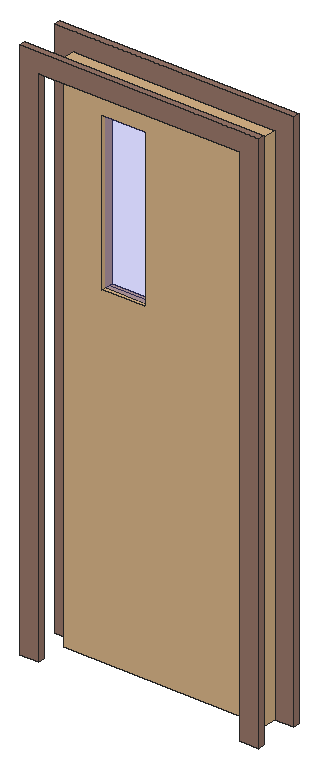
Revit family "0063_M_DR_W_single-multi_panel", category 문, Revit 2026
Family settings
  호스트 = 벽
  항상 수직 = 예
  로드될 때 보이드를 사용하여 절단 = 아니오
  공유 = 아니오
  룸 계산 점 = 아니오
Parameters (values of type "32" x 84"")
  기능 = 내부
  Undercut = 0' - 0"
  두께 = 0' - 2"
  Swing Angle [instance] = 45.00°
  Panel Type = Door Panel-Narrow Lite : Single
  조합 코드 = "C1020"
  Door Material = Door - Panel
  Frame Material = Door - Frame
  Height = 7' - 0"
  Trim Projection Ext = 0' - 1"
  Trim Projection Int = 0' - 1"
  Trim Width = 0' - 3"
  벽 마무리 = 호스트별
  Width = 2' - 8"
Types (7): name | Undercut | Swing Angle | Panel Type | Height | Width
  36" x 84" | 0' - 0 1/2" | 45.00° | Door Panel-Narrow Lite : Single | 7' - 0" | 3' - 0"
  34" x 84" | 0' - 0" | 45.00° | Door Panel-Flush : Single | 7' - 0" | 2' - 10"
  32" x 84" | 0' - 0" | 45.00° | Door Panel-Narrow Lite : Single | 7' - 0" | 2' - 8"
  30" x 84" | 0' - 0" | 45.00° | Door Panel-Full Lite : Single | 7' - 0" | 2' - 6"
  30" x 80" | 0' - 0" | 90.00° | Door Panel-Flush : Single | 6' - 8" | 2' - 6"
  36" x 80" | 0' - 0" | 45.00° | Door Panel-Flush : Single | 6' - 8" | 3' - 0"
  34" x 80" | 0' - 0" | 45.00° | Door Panel-Flush : Single | 6' - 8" | 2' - 10"
Reference planes (in)
  plane 1: y = 0
  plane 2: z = 0
  plane 3: x = 0
  plane 4: x = -16
  plane 5: x = 16
  plane 6: z = 84
  plane 7: y = 3
Forms (in)
  Extrusion 1, solid, material "Door - Frame" <- "Frame Material"
    sketch origin (-60, -3, 0) x (1, 0, 0) y (0, 0, 1)
      loop
        line (41, 87) -> (41, 0) -> (44, 0) -> (44, 84) -> (76, 84) -> (76, 0) -> (79, 0) -> (79, 87) -> (41, 87)
    from 0 to 1
  Extrusion 2, solid, material "Door - Frame" <- "Frame Material"
    sketch origin (-60, 3, 0) x (-1, 0, 0) y (0, 0, 1)
      loop
        line (-79, 87) -> (-79, 0) -> (-76, 0) -> (-76, 84) -> (-44, 84) -> (-44, 0) -> (-41, 0) -> (-41, 87) -> (-79, 87)
    from 0 to 1
Lines and regions (in)
  Opening 1
    outline origin (-60, -3, 144) x (0, 0, -1) y (1, 0, 0)
      loop
        line (60, 44) -> (144, 44) -> (144, 76) -> (60, 76) -> (60, 44)
  symbolic lines, style "DoorsPanelProjection"
    curve 1: line (16.02068, 3, 0) -> (14.60646, 1.58579, 0)
    curve 2: line (16.02068, 3, 0) -> (-6.60674, 25.62742, 0)
    curve 3: line (-6.60674, 25.62742, 0) -> (-8.02095, 24.2132, 0)
    curve 4: line (14.60646, 1.58579, 0) -> (-8.02095, 24.2132, 0)
  model lines, style "DoorsFrameMullionProjection"
    curve 5: line (-19, -3, 0) -> (-19, -3, 87)
    curve 6: line (-19, -3, 87) -> (19, -3, 87)
    curve 7: line (19, -3, 87) -> (19, -3, 0)
    curve 8: line (19, 3, 0) -> (19, 3, 87)
    curve 9: line (-19, 3, 87) -> (19, 3, 87)
    curve 10: line (-19, 3, 87) -> (-19, 3, 0)
  symbolic lines, style "Elevation Swing"
    curve 11: line (-16, 0, 84) -> (16, 0, 42)
    curve 12: line (-16, 0, 0) -> (16, 0, 42)
  reference lines
    curve 13: line (16.02068, 3, 0) -> (-17.92045, 36.94113, 0)
Dimensions and locks (in)
  equal spacing: plane 4, plane 3, plane 5
  "Width": plane 4 to plane 5
  "Height": plane 6 to plane 2
  "Trim Width": plane 4 to curve 5
  "Trim Width": plane 5 to curve 7
  "Trim Width": plane 6 to curve 6
  locked: curve 9 to host wall
  "Trim Projection Ext": Extrusion 2 to host wall
  "Trim Projection Int": Extrusion 1 to host wall
  equal spacing: plane 6, curve 12, level
  "Width": curve 3 to curve 1
  "두께": curve 2 to curve 4
  locked: plane 7 to host wall
  "Swing Angle": angle curve 13 to host wall
  aligned and locked: plane 2 to curve 5
  aligned and locked: curve 7 to level
  aligned and locked: curve 8 to curve 7
  aligned and locked: curve 6 to Extrusion 1 sketch curve
  aligned and locked: Extrusion 1 sketch curve to curve 5
  aligned and locked: Extrusion 1 sketch curve to curve 7
  aligned and locked: Extrusion 1 to Extrusion 2 sketch curve
  aligned and locked: Extrusion 2 sketch curve to Extrusion 1  (x2)
  aligned and locked: nested 1 to plane 7
  aligned and locked: nested 2 to nested 1
  aligned and locked: nested 1 to plane 5
  aligned and locked: nested 2 to plane 5
Automatic sketch dimensions
  Opening 1 sketch curve to plane 6 = 0' - 0"
  Opening 1 sketch curve to level = 0' - 0"
  Opening 1 sketch curve to plane 4 = 0' - 0"
  Opening 1 sketch curve to plane 5 = 0' - 0"
  Extrusion 1 sketch curve to level = 0' - 0"  (x2)
  Extrusion 1 sketch curve to plane 4 = 0' - 0"
  Extrusion 1 sketch curve to plane 5 = 0' - 0"
  Extrusion 1 sketch curve to plane 6 = 0' - 0"
  Extrusion 2 sketch curve to level = 0' - 0"  (x2)
  Extrusion 2 sketch curve to plane 5 = 0' - 0"
  Extrusion 2 sketch curve to plane 4 = 0' - 0"
  Extrusion 2 sketch curve to plane 6 = 0' - 0"
  curve 11 to plane 4 = 0' - 0"
  curve 11 to plane 6 = 0' - 0"
  curve 12 to plane 5 = 0' - 0"
  curve 8 to level = 0' - 0"
  curve 12 to level = 0' - 0"
  curve 10 to level = 0' - 0"
  curve 12 to plane 4 = 0' - 0"
  curve 9 to curve 5 = 0' - 0"
  curve 10 to curve 5 = 0' - 0"
  curve 13 to host wall = 0' - 0"
  curve 13 to plane 5 = 0' - 0.02068"
  curve 2 to curve 13 = 0' - 0"
  curve 3 to curve 13 = 0' - 0"
Nested families (in)
  nested 1: "Door Swing-Single" at (16, 3, 0), Swing Angle <- "Swing Angle", type "Single"
    with Swing Visible yes, Swing Angle 45.00°, Actual Angle 45.00°, Width 2' - 8"
  nested 2: "Door Panel-Narrow Lite" at (16, 3, 0), type <- "Panel Type", type "Single"
    with Swing Visible yes, Swing Angle 45.00°, Actual Angle 45.00°, Width 2' - 8", Undercut 0' - 0"
Definition of nested family "Door Panel-Narrow Lite"
  Parameters
    Width = 3' - 0"
    Undercut = 0' - 0 1/2"
    Thickness = 0' - 2"
    Swing Visible [instance] = Swing Angle > 1.00°  # yes
    Swing Angle [instance] = 45.00°
    Panel Materal = none
    Height = 7' - 0"
    Assembly Code = ""
    Actual Angle [instance] = if(Swing Angle < 1.00°, 1.00°, Swing Angle)  # 45.00°
  Reference planes (in)
    plane 1 "Center (Front/Back)": y = 0
    plane 2: z = 0
    plane 3 "Center (Left/Right)": x = 0
    plane 4: x = -36
    plane 5: y = -2
    plane 6 "Top": z = 84
    plane 7: z = 0.5
    plane 8: z = 78
    plane 9: x = -30
    plane 10: x = -6
    plane 11: z = 9.5
    plane 12: y = -1
    plane 13: y = -0.625
    plane 14: y = -1.375
    plane 15: z = 53
    plane 16: x = -23
  Forms (in)
    Extrusion 1, solid, material <- "Panel Materal"
      sketch origin (0, 0, 0) x (1, 0, 0) y (0, 0, 1)
        loop
          line (-36, 84) -> (-36, 0.5) -> (0, 0.5) -> (0, 84) -> (-36, 84)
        loop
          line (-30, 78) -> (-30, 53) -> (-23, 53) -> (-23, 78) -> (-30, 78)
      from 0 to 2
    Extrusion 2, solid
      sketch origin (0, 0, 0) x (1, 0, 0) y (0, 0, 1)
        loop
          line (-30, 78) -> (-30, 53) -> (-23, 53) -> (-23, 78) -> (-30, 78)
      from 0.625 to 1.375
  Dimensions and locks (in)
    "Width": plane 4 to plane 3 "Center (Left/Right)"
    "Thickness": plane 1 "Center (Front/Back)" to plane 5
    "Height": plane 6 "Top" to level
    "Undercut": plane 7 to level
    locked: plane 9 to plane 4 at 6
    locked: plane 3 "Center (Left/Right)" to plane 10 at 6
    locked: plane 6 "Top" to plane 8 at 6
    locked: plane 11 to plane 7 at 9
    equal spacing: plane 5, plane 12, plane 1 "Center (Front/Back)"
    locked: plane 13 to plane 14 at 0.75
    equal spacing: plane 13, plane 12, plane 14
    locked: plane 8 to plane 15 at 25
    locked: plane 16 to plane 9 at 7
    aligned and locked: Extrusion 1 sketch curve to plane 3 "Center (Left/Right)"
    aligned and locked: Extrusion 1 sketch curve to plane 6 "Top"
    aligned and locked: Extrusion 1 sketch curve to plane 4
    aligned and locked: Extrusion 1 sketch curve to plane 7
    aligned and locked: Extrusion 1 to plane 5
    aligned and locked: Extrusion 1 to plane 1 "Center (Front/Back)"
    aligned and locked: plane 9 to Extrusion 1 sketch curve
    aligned and locked: Extrusion 1 sketch curve to plane 8
    aligned and locked: Extrusion 2 sketch curve to plane 8
    aligned and locked: plane 9 to Extrusion 2 sketch curve
    aligned and locked: plane 13 to Extrusion 2
    aligned and locked: Extrusion 2 to plane 14
    aligned and locked: Extrusion 2 sketch curve to plane 16
    aligned and locked: Extrusion 2 sketch curve to plane 15
    aligned and locked: Extrusion 1 sketch curve to plane 15
    aligned and locked: Extrusion 1 sketch curve to plane 16
Definition of nested family "Door Swing-Single"
  Parameters
    Width = 3' - 0"
    Swing Visible [instance] = Swing Angle > 1.00°  # yes
    Swing Angle [instance] = 45.00°
    Assembly Code = ""
    Actual Angle [instance] = if(Swing Angle < 1.00°, 1.00°, Swing Angle)  # 45.00°
  Reference planes (in)
    plane 1 "Center (Front/Back)": y = 0
    plane 2: z = 0
    plane 3 "Center (Left/Right)": x = 0
    plane 4: x = -36
  Lines and regions (in)
    symbolic lines
      curve 1: line (0, 0, 0) -> (-36, 0, 0)
    symbolic lines, visible <- "Swing Visible"
      curve 2: arc (-36, 0, 0) -> (-33.25966, 13.7766, 0) -> (-25.45584, 25.45584, 0) r 36
  Dimensions and locks (in)
    "Width": plane 4 to plane 3 "Center (Left/Right)"
    locked: curve 2 to plane 3 "Center (Left/Right)"
    locked: curve 2 to plane 1 "Center (Front/Back)"
    "Width": radius of curve 2
    "Actual Angle": angle curve 2 to curve 2
    aligned and locked: curve 1 to plane 1 "Center (Front/Back)"
    aligned and locked: plane 3 "Center (Left/Right)" to curve 1
